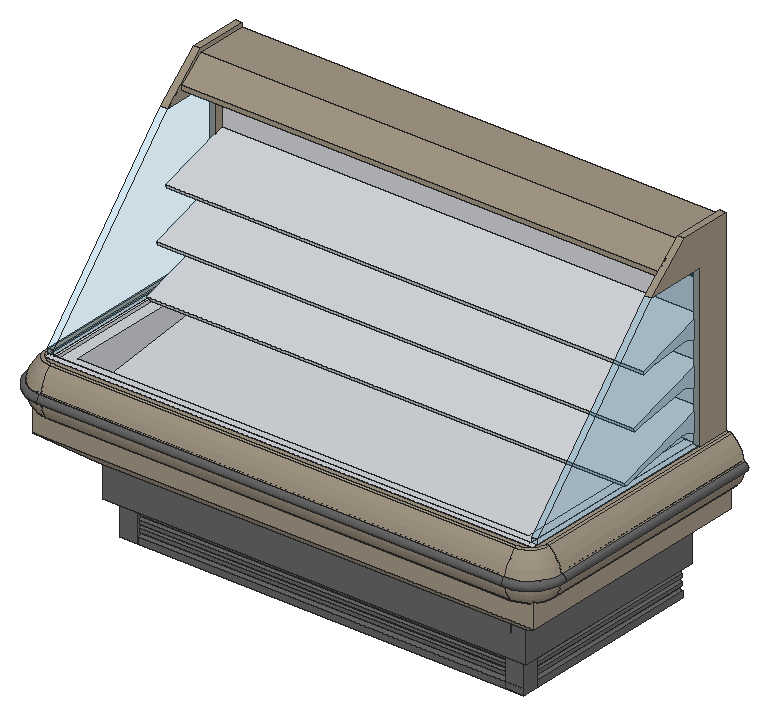
Revit family "O3.25EM-NRG_11BF", category Mechanical Equipment, Revit 2017
Family settings
  Round Connector Dimension = Use Radius
  Part Type = Normal
  OmniClass Number = 23.40.40.11.17
  OmniClass Title = Refrigerated Cases
  Work Plane-Based = Yes
  Always vertical = Yes
  Cut with Voids When Loaded = No
  Shared = No
  Room Calculation Point = No
Parameters (values of type "O3.25EM-NRG-11"BF-Meat")
  WIDTH = 43 1/4"  # constant formula
  URL = "http://www.hillphoenix.com/?s=o3.25em"
  REF PIPE LENGTH = 28 5/8"
  REAR LOAD = 24"
  TOEKICK INSET = 1 1/2"  # constant formula
  TOEKICK HEIGHT = 5 1/2"  # constant formula
  TOE KICK [instance] = none
  SHELVE LENGTH = 48"
  RUBBER BUMPER [instance] = BASE BLACK
  RIGHT END [instance] = yes
  REFRIGERATION PIPING [instance] = none
  REF PLANE LEFT RIGHT = LENGTH / 2  # 43 7/8"
  REF PLANE FRONT BACK = WIDTH / 2  # 21 5/8"
  REAR REFRIGERATION [instance] = yes
  PVC PIPE [instance] = none
  PNET NUMBER = "NA"  # constant formula
  PAINTED METAL UPPER SHELF [instance] = none
  PAINTED METAL INTERIOR [instance] = none
  PAINTED METAL EXTERIOR [instance] = STANDARD EXTERIOR MATERIAL BIEGE
  Model = "O3.25EM-NRG"
  Manufacturer = "HILL PHOENIX"  # constant formula
  MASTER BUMPER [instance] = none
  LENGTH = 87 3/4"  # constant formula
  LEGEND NUMBER = Model  # "O3.25EM-NRG"
  LEFT END [instance] = yes
  Keynote = "Dairy /Deli / Meat/Produce"  # constant formula
  HILL PHOENIX DRAWING NUMBER = "NA"  # constant formula
  HEIGHT = 58 1/2"  # constant formula
  GLASS [instance] = Glass
  FRONT PANEL [instance] = none
  ENGINEERING CONTACT = ""  # constant formula
  END PANEL [instance] = none
  Description = "Multi-Deck End-Cap Merchandiser  with Synerg-E"  # constant formula
  Default Elevation = 48"
  DRAIN PIPE LENGTH = 0"
  DRAIN [instance] = yes
  DISCLAIMER [instance] = yes
  DIEBOARD HEIGHT = 0"  # constant formula
  DESIGNERS NAME = "PRAVEEN.J"  # constant formula
  DATE = "11/25/13"  # constant formula
  CERTIFICATIONS = "NSF 7, UL471, CSA"  # constant formula
  BOTTOM REFRIGERATION [instance] = yes
  BOTTOM ELECTRICAL [instance] = yes
  BASE HEIGHT = 11"  # constant formula
  BASE [instance] = none
  Assembly Code = ""
Types (3): name | RUBBER BUMPER | PAINTED METAL EXTERIOR
  O3.25EM-NRG-11"BF | none | none
  O3.25EM-NRG-11"BF-Dairy/Deli/Produce | none | none
  O3.25EM-NRG-11"BF-Meat | BASE BLACK | STANDARD EXTERIOR MATERIAL BIEGE
Reference planes
  plane 1: z = 0.499
  plane 2 "LEFT": x = 0
  plane 3 "CASE RIGHT": x = 2228.85
  plane 4 "CASE BACK": y = -349.007
  plane 5 "CENTER(LEFT/RIGHT)": x = 1114.425
  plane 6 "CENTER(FRONT/BACK)": y = -898.282
  plane 7 "CASE FRONT": y = -1447.557
  plane 8: z = 279.4
  plane 9 "CASE TOP": z = 1485.9
Forms (mm)
  Sweep 1, solid, material "BASE BLACK" <- "RUBBER BUMPER"
    path origin (0, 0, 0) x (1, 0, 0) y (0, 1, 0)
      loop
        line (0, -349.007) -> (0, -1447.557) -> (2228.85, -1447.557) -> (2228.85, -349.007)
    profile origin (1114.425, -1447.557, 0) x (0, 1, 0) y (0, 0, 1)
      loop
        line (272.189, 0) -> (295.646, 0) -> (295.646, 142.842) -> (289.296, 142.842) -> (289.296, 131.407)
        arc (289.296, 131.407) -> (285.601, 122.451) -> (276.665, 118.708) r 12.7
        line (276.665, 118.708) -> (276.665, 106.008) -> (278.659, 106.008) -> (289.296, 108.039) -> (285.807, 97)
        arc (285.807, 97) -> (282.352, 91.267) -> (276.665, 87.735) r 14.297
        line (276.665, 87.735) -> (276.665, 75.035) -> (278.659, 75.035) -> (289.296, 77.193) -> (285.807, 66.028)
        arc (285.807, 66.028) -> (282.359, 60.287) -> (276.665, 56.763) r 14.207
        line (276.665, 56.763) -> (276.665, 44.063) -> (278.659, 44.063) -> (289.296, 46.221) -> (285.807, 35.056)
        arc (285.807, 35.056) -> (280.626, 27.944) -> (272.189, 25.448) r 13.706
        line (272.189, 25.448) -> (272.189, 0)
  Sweep 2, solid, material "BASE BLACK" <- "RUBBER BUMPER"
    path origin (0, 0, 0) x (1, 0, 0) y (0, 1, 0)
      loop
        line (0, -349.007) -> (0, -1447.557) -> (2228.85, -1447.557) -> (2228.85, -349.007)
    profile origin (1114.425, -1447.557, 0) x (0, 1, 0) y (0, 0, 1)
      loop
        line (233.572, 142.842) -> (295.646, 142.842) -> (295.646, 279.4) -> (233.572, 279.4) -> (233.572, 142.842)
  Sweep 3, solid, material "STANDARD EXTERIOR MATERIAL BIEGE" <- "PAINTED METAL EXTERIOR"
    path origin (0, 0, 0) x (1, 0, 0) y (0, 1, 0)
      loop
        line (0, -349.007) -> (0, -1447.557) -> (2228.85, -1447.557) -> (2228.85, -349.007)
    profile origin (1114.425, -1447.557, 0) x (0, 1, 0) y (0, 0, 1)
      loop
        line (224.976, 280.009) -> (328.094, 280.009) -> (328.094, 311.611) -> (278.493, 339.106)
        arc (278.493, 339.106) -> (167.309, 381.786) -> (120.775, 491.413) r 152.4
        line (120.775, 491.413) -> (120.775, 541.077) -> (71.27, 541.077) -> (71.27, 404.107) -> (224.976, 280.009)
  Sweep 4, solid, material "STANDARD EXTERIOR MATERIAL BIEGE" <- "PAINTED METAL EXTERIOR"
    path origin (0, 0, 0) x (1, 0, 0) y (0, 1, 0)
      loop
        line (71.27, -349.007) -> (71.27, -1300.087)
        arc (71.27, -1300.087) -> (93.588, -1353.969) -> (147.47, -1376.287) r 76.2
        line (147.47, -1376.287) -> (2081.38, -1376.287)
        arc (2081.38, -1376.287) -> (2135.262, -1353.969) -> (2157.58, -1300.087) r 76.2
        line (2157.58, -1300.087) -> (2157.58, -349.007)
    profile origin (1114.425, -1376.287, 0) x (0, 1, 0) y (0, 0, 1)
      loop
        line (28.924, 686.605) -> (7.715, 686.605)
        arc (7.715, 686.605) -> (1.922, 685.51) -> (-3.071, 682.378) r 15.875
        arc (-3.071, 682.378) -> (-34.651, 643.525) -> (-54.147, 597.409) r 177.8
        arc (-54.147, 597.409) -> (-36.236, 579.974) -> (-54.355, 562.755) r 17.34
        arc (-54.355, 562.755) -> (-43.752, 529.206) -> (-24.351, 499.854) r 127
        line (-24.351, 499.854) -> (-22.027, 495.203) -> (0, 495.203) -> (0, 541.077) -> (28.924, 541.077) -> (28.924, 686.605)
  Sweep 5, solid, material "BASE BLACK" <- "RUBBER BUMPER"
    path origin (0, 0, 0) x (1, 0, 0) y (0, 1, 0)
      loop
        line (71.27, -349.007) -> (71.27, -1300.087)
        arc (71.27, -1300.087) -> (93.588, -1353.969) -> (147.47, -1376.287) r 76.2
        line (147.47, -1376.287) -> (2081.38, -1376.287)
        arc (2081.38, -1376.287) -> (2135.262, -1353.969) -> (2157.58, -1300.087) r 76.2
        line (2157.58, -1300.087) -> (2157.58, -349.007)
    profile origin (1114.425, -1376.287, 0) x (0, 1, 0) y (0, 0, 1)
      loop
        arc (-52.798, 562.755) -> (-36.041, 580.761) -> (-54.147, 597.409) r 17.34
        arc (-54.147, 597.409) -> (-70.904, 579.403) -> (-52.798, 562.755) r 17.34
  Sweep 6, solid, material <- "PAINTED METAL INTERIOR"
    path origin (0, 0, 0) x (1, 0, 0) y (0, 1, 0)
      loop
        line (0, -349.007) -> (0, -1447.557) -> (2228.85, -1447.557) -> (2228.85, -349.007)
    profile origin (1114.425, -1447.557, 0) x (0, 1, 0) y (0, 0, 1)
      loop
        line (100.194, 541.077) -> (120.775, 541.077) -> (120.775, 524.875) -> (175.847, 524.875) -> (175.847, 671.042) -> (124.578, 671.042) -> (124.578, 683.43)
        arc (124.578, 683.43) -> (123.648, 685.675) -> (121.403, 686.605) r 3.175
        line (121.403, 686.605) -> (100.194, 686.605) -> (100.194, 541.077)
  Extrusion 7, solid, material <- "PAINTED METAL INTERIOR"
    sketch origin (-6096, -349.007, 2074.471) x (0, 0, 1) y (-1, 0, 0)
      loop
        line (-1403.428, -8149.003) -> (-1403.428, -6271.847) -> (-1549.595, -6271.847) -> (-1549.595, -6216.775) -> (-1583.057, -6216.775)
        arc (-1583.057, -6216.775) -> (-1692.685, -6263.309) -> (-1735.364, -6374.493) r 152.4
        line (-1735.364, -6374.493) -> (-1762.86, -6424.094) -> (-1795.071, -6424.094) -> (-1795.071, -6391.646) -> (-1831.597, -6391.646) -> (-1831.597, -8029.204) -> (-1794.461, -8029.204) -> (-1794.461, -7996.756) -> (-1762.86, -7996.756) -> (-1735.364, -8046.357)
        arc (-1735.364, -8046.357) -> (-1692.685, -8157.541) -> (-1583.057, -8204.075) r 152.4
        line (-1583.057, -8204.075) -> (-1549.595, -8204.075) -> (-1549.595, -8149.003) -> (-1403.428, -8149.003)
    from 0 to 864.978
  Extrusion 8, void
    sketch origin (0, 0, 0) x (0, 1, 0) y (0, 0, 1)
      loop
        line (-452.313, 671.042) -> (-1213.985, 671.042) -> (-1213.985, 527.867) -> (-557.16, 606.555) -> (-464.127, 606.555)
        arc (-464.127, 606.555) -> (-455.469, 610.325) -> (-452.313, 619.224) r 11.855
        line (-452.313, 619.224) -> (-452.313, 671.042)
    from 175.847 to 2053.003
  Extrusion 9, solid, material <- "PAINTED METAL INTERIOR"
    sketch origin (0, 0, 0) x (0, 1, 0) y (0, 0, 1)
      loop
        line (-1213.985, 527.867) -> (-1238.954, 524.875) -> (-1326.783, 524.875) -> (-1326.783, 491.413)
        arc (-1326.783, 491.413) -> (-1295.339, 398.703) -> (-1213.985, 344.249) r 152.4
        line (-1213.985, 344.249) -> (-1213.985, 527.867)
    from 175.847 to 2053.003
  Extrusion 10, solid, material <- "PAINTED METAL INTERIOR"
    sketch origin (0, 0, 0) x (0, 1, 0) y (0, 0, 1)
      loop
        line (-452.313, 671.042) -> (-399.283, 671.042) -> (-399.283, 1312.208) -> (-452.313, 1312.208) -> (-452.313, 671.042)
    from 120.775 to 2108.075
  Extrusion 11, solid, material "STANDARD EXTERIOR MATERIAL BIEGE" <- "PAINTED METAL EXTERIOR"
    sketch origin (0, 0, 0) x (0, 1, 0) y (0, 0, 1)
      loop
        line (-349.007, 671.042) -> (-349.007, 1485.9) -> (-565.993, 1485.9) -> (-664.27, 1406.317) -> (-664.27, 1387.285) -> (-648.37, 1387.285) -> (-648.37, 1389.216) -> (-636.329, 1389.216) -> (-590.711, 1426.595) -> (-590.711, 1439.28) -> (-483.105, 1439.28) -> (-461.21, 1413.187) -> (-490.475, 1409.3)
        arc (-490.475, 1409.3) -> (-490.997, 1408.999) -> (-491.152, 1408.416) r 0.787
        line (-491.152, 1408.416) -> (-490.124, 1400.675) -> (-478.194, 1315.786) -> (-477.309, 1309.49) -> (-477.199, 1308.71) -> (-452.313, 1312.208) -> (-399.283, 1312.208) -> (-399.283, 671.042) -> (-349.007, 671.042)
    from 120.775 to 2108.075
  Extrusion 12, solid, material <- "BASE"
    sketch origin (0, 0, 0) x (0, 1, 0) y (0, 0, 1)
      loop
        line (-349.007, 0) -> (-349.007, 242.874) -> (-1151.911, 242.874) -> (-1151.911, 0) -> (-1109.263, 0) -> (-1109.263, 46.221) -> (-388.85, 46.221) -> (-388.85, 0) -> (-349.007, 0)
    from 295.646 to 1933.204
  Extrusion 13, solid, material <- "PAINTED METAL INTERIOR"
    sketch origin (0, 0, 0) x (0, 1, 0) y (0, 0, 1)
      loop
        line (-452.313, 1158.742) -> (-743.794, 1069.627) -> (-739.636, 1056.024) -> (-683.159, 1073.291) -> (-680.73, 1070.436) -> (-542.961, 1087.776)
        arc (-542.961, 1087.776) -> (-525.387, 1088.358) -> (-508.327, 1084.098) r 63.5
        line (-508.327, 1084.098) -> (-487.032, 1075.504)
        arc (-487.032, 1075.504) -> (-478.413, 1073.673) -> (-469.688, 1074.897) r 25.4
        line (-469.688, 1074.897) -> (-452.313, 1080.534) -> (-452.313, 1158.742)
      loop
        line (-452.313, 981.795) -> (-792.375, 877.828) -> (-788.216, 864.226) -> (-733.108, 881.074) -> (-730.678, 878.219) -> (-542.961, 910.83)
        arc (-542.961, 910.83) -> (-525.387, 911.412) -> (-508.327, 907.152) r 63.5
        line (-508.327, 907.152) -> (-487.032, 898.557)
        arc (-487.032, 898.557) -> (-478.413, 896.727) -> (-469.688, 897.951) r 25.4
        line (-469.688, 897.951) -> (-452.313, 903.588) -> (-452.313, 981.795)
      loop
        line (-452.313, 813.363) -> (-840.955, 694.543) -> (-836.796, 680.941) -> (-733.108, 712.641) -> (-730.678, 709.786) -> (-542.961, 742.397)
        arc (-542.961, 742.397) -> (-525.387, 742.979) -> (-508.327, 738.719) r 63.5
        line (-508.327, 738.719) -> (-487.032, 730.125)
        arc (-487.032, 730.125) -> (-478.413, 728.294) -> (-469.688, 729.518) r 25.4
        line (-469.688, 729.518) -> (-452.313, 735.155) -> (-452.313, 813.363)
    from 120.775 to 2108.075
  Extrusion 14, void
    sketch origin (0, 0, 0) x (1, 0, 0) y (0, 1, 0)
      loop
        circle (1114.425, -1079.257) r 25.4
      loop
        circle (1870.075, -1079.257) r 31.75
    from 0 to 127
  Extrusion 15, solid, material <- "PVC PIPE", visible <- "DRAIN"
    sketch origin (0, 0, 0) x (1, 0, 0) y (0, 1, 0)
      loop
        circle (1114.425, -1079.257) r 19.05
    from 0 to 127
  Extrusion 16, solid, material <- "REFRIGERATION PIPING", visible <- "BOTTOM REFRIGERATION"
    sketch origin (0, 0, 0) x (1, 0, 0) y (0, 1, 0)
      loop
        circle (1882.207, -1079.257) r 11.113
      loop
        circle (1860.297, -1079.257) r 4.763
    from 0 to 127
  Extrusion 17, void
    sketch origin (0, 0, 0) x (1, 0, 0) y (0, 1, 0)
      loop
        line (677.846, -1034.807) -> (677.846, -528.868) -> (295.646, -528.868) -> (295.646, -1034.807) -> (677.846, -1034.807)
    from 0 to 127
  Extrusion 18, solid, material "BASE BLACK" <- "RUBBER BUMPER"
    sketch origin (47.213, 47.213, 0) x (1, 0, 0) y (0, 1, 0)
      loop
        line (224.976, -1154.605) -> (224.976, -1222.581) -> (300.263, -1222.581) -> (300.263, -1154.605) -> (224.976, -1154.605)
    from 0 to 142.842
  Extrusion 19, solid, material "BASE BLACK" <- "RUBBER BUMPER"
    sketch origin (2181.637, 47.213, 0) x (-1, 0, 0) y (0, -1, 0)
      loop
        line (224.976, 1154.605) -> (300.263, 1154.605) -> (300.263, 1222.581) -> (224.976, 1222.581) -> (224.976, 1154.605)
    from 0 to 142.842
  Sweep 20, solid, material "STANDARD EXTERIOR MATERIAL BIEGE" <- "PAINTED METAL EXTERIOR", visible <- "LEFT END"
    path origin (0, 0, 0) x (1, 0, 0) y (0, 1, 0)
      loop
        line (120.775, -380.233) -> (93.774, -380.233)
    profile origin (107.274, -380.233, 0) x (0, -1, 0) y (0, 0, 1)
      loop
        line (-31.226, 686.605) -> (102.124, 686.605) -> (102.124, 1350.349) -> (355.46, 1350.349) -> (183.977, 1499.418) -> (-31.226, 1499.418) -> (-31.226, 686.605)
  Sweep 21, solid, material "Glass" <- "GLASS", visible <- "LEFT END"
    path origin (0, 0, 0) x (1, 0, 0) y (0, 1, 0)
      loop
        line (120.775, -433.263) -> (93.774, -433.263)
    profile origin (107.274, -433.263, 0) x (0, -1, 0) y (0, 0, 1)
      loop
        line (302.431, 1350.349) -> (49.095, 1350.349) -> (49.095, 686.605) -> (892.892, 686.605) -> (892.892, 707.563) -> (302.431, 1350.349)
  Sweep 22, solid, material "STANDARD EXTERIOR MATERIAL BIEGE" <- "PAINTED METAL EXTERIOR", visible <- "RIGHT END"
    path origin (2228.85, 0, 0) x (-1, 0, 0) y (0, 1, 0)
      loop
        line (120.775, -380.233) -> (93.774, -380.233)
    profile origin (2121.576, -380.233, 0) x (0, 1, 0) y (0, 0, 1)
      loop
        line (31.226, 686.605) -> (31.226, 1499.418) -> (-183.977, 1499.418) -> (-355.46, 1350.349) -> (-102.124, 1350.349) -> (-102.124, 686.605) -> (31.226, 686.605)
  Sweep 23, solid, material "Glass" <- "GLASS", visible <- "RIGHT END"
    path origin (2228.85, 0, 0) x (-1, 0, 0) y (0, 1, 0)
      loop
        line (120.775, -433.263) -> (93.774, -433.263)
    profile origin (2121.576, -433.263, 0) x (0, 1, 0) y (0, 0, 1)
      loop
        line (-302.431, 1350.349) -> (-892.892, 707.563) -> (-892.892, 686.605) -> (-49.095, 686.605) -> (-49.095, 1350.349) -> (-302.431, 1350.349)
Cuts and joins
  Extrusion 8, Extrusion 14 cuts Sweep 3
  Extrusion 8, Extrusion 14 cuts Sweep 4
  Extrusion 8, Extrusion 14 cuts Sweep 5
  Extrusion 8, Extrusion 14 cuts Sweep 6
  Extrusion 8, Extrusion 14 cuts Extrusion 7
  Extrusion 14, Extrusion 17 cuts Sweep 1
  Extrusion 14 cuts Sweep 2
  Extrusion 14, Extrusion 17 cuts Extrusion 12
Lines and regions (mm)
  symbolic lines
    curve 1: line (2082.8, -1447.557, 0) -> (146.403, -1447.557, 0)
    curve 2: line (2228.85, -349.007, 0) -> (2228.85, -1301.507, 0)
    curve 3: line (0.353, -349.007, 0) -> (2228.85, -349.007, 0)
    curve 4: line (0.353, -1301.507, 0) -> (0.353, -349.007, 0)
    curve 5: arc (0.353, -1301.507, 0) -> (43.13, -1404.78, 0) -> (146.403, -1447.557, 0) r 146.05
    curve 6: arc (2082.8, -1447.557, 0) -> (2186.073, -1404.78, 0) -> (2228.85, -1301.507, 0) r 146.05
Dimensions and locks
  "REF PLANE LEFT RIGHT": plane 2 "LEFT" to plane 5 "CENTER(LEFT/RIGHT)"
  "LENGTH": plane 2 "LEFT" to plane 3 "CASE RIGHT"
  "REF PLANE FRONT BACK": plane 6 "CENTER(FRONT/BACK)" to plane 4 "CASE BACK"
  "WIDTH": plane 4 "CASE BACK" to plane 7 "CASE FRONT"
  "BASE HEIGHT": plane 8 to level
  "HEIGHT": plane 9 "CASE TOP" to level
Automatic sketch dimensions
  Sweep 1 sketch curve to plane 2 "LEFT" = 0"
  Sweep 1 sketch curve to plane 3 "CASE RIGHT" = 0"
  plane 7 "CASE FRONT" to Sweep 1 sketch curve = 0"
  plane 4 "CASE BACK" to Sweep 1 sketch curve = 0"  (x2)
  Sweep 1 sketch curve to level = 0"
  level to Sweep 1 sketch curve = 3.98853"
  Sweep 1 sketch curve to profile plane = 10.71554"
  level to Sweep 1 sketch curve = 1.0019"
  Sweep 1 sketch curve to Sweep 1 sketch curve = 0.00057"
  Sweep 1 sketch curve to Sweep 1 sketch curve = 0.00285"
  Sweep 1 sketch curve to Sweep 1 sketch curve = 0.0211"
  Sweep 1 sketch curve to Sweep 1 sketch curve = 0.17407"
  Sweep 1 sketch curve to Sweep 1 sketch curve = 0.00271"
  Sweep 1 sketch curve to Sweep 1 sketch curve = 0.15512"
  Sweep 1 sketch curve to Sweep 1 sketch curve = 0.17678"
  Sweep 1 sketch curve to Sweep 1 sketch curve = 0.0785"  (x3)
  level to Sweep 1 sketch curve = 1.73476"
  Sweep 1 sketch curve to Sweep 1 sketch curve = 0.28142"  (x3)
  level to Sweep 1 sketch curve = 1.38014"
  level to Sweep 1 sketch curve = 2.59952"
  level to Sweep 1 sketch curve = 3.03909"
  Sweep 1 sketch curve to Sweep 1 sketch curve = 0.41879"  (x3)
  level to Sweep 1 sketch curve = 4.25349"
  level to Sweep 1 sketch curve = 1.81972"
  Sweep 1 sketch curve to Sweep 1 sketch curve = 1/2"  (x4)
  Sweep 1 sketch curve to Sweep 1 sketch curve = 0.9235"
  Sweep 1 sketch curve to Sweep 1 sketch curve = 0.1878"
  Sweep 1 sketch curve to Sweep 1 sketch curve = 0.18499"
  Sweep 1 sketch curve to Sweep 1 sketch curve = 0.45018"
  Sweep 2 sketch curve to plane 2 "LEFT" = 0"
  Sweep 2 sketch curve to plane 3 "CASE RIGHT" = 0"
  plane 7 "CASE FRONT" to Sweep 2 sketch curve = 0"
  plane 4 "CASE BACK" to Sweep 2 sketch curve = 0"  (x2)
  Sweep 2 sketch curve to profile plane = 9.19577"
  Sweep 2 sketch curve to Sweep 2 sketch curve = 2.44385"
  level to Sweep 2 sketch curve = 5.6237"
  Sweep 2 sketch curve to Sweep 2 sketch curve = 5.3763"
  Sweep 3 sketch curve to plane 2 "LEFT" = 0"
  Sweep 3 sketch curve to plane 3 "CASE RIGHT" = 0"
  plane 7 "CASE FRONT" to Sweep 3 sketch curve = 0"
  plane 4 "CASE BACK" to Sweep 3 sketch curve = 0"  (x2)
  Sweep 3 sketch curve to profile plane = 2.8059"
  Sweep 3 sketch curve to Sweep 3 sketch curve = 1.949"
  Sweep 3 sketch curve to Sweep 3 sketch curve = 6.05141"
  Sweep 3 sketch curve to Sweep 3 sketch curve = 6"
  Sweep 3 sketch curve to Sweep 3 sketch curve = 2.10699"
  Sweep 3 sketch curve to Sweep 3 sketch curve = 1.9528"
  level to Sweep 3 sketch curve = 11.02398"
  Sweep 3 sketch curve to Sweep 3 sketch curve = 1.24415"
  Sweep 3 sketch curve to Sweep 3 sketch curve = 1.08251"
  Sweep 3 sketch curve to Sweep 3 sketch curve = 3.43727"
  Sweep 3 sketch curve to Sweep 3 sketch curve = 1.95525"
  plane 4 "CASE BACK" to Sweep 4 sketch curve = 0"  (x2)
  plane 2 "LEFT" to Sweep 4 sketch curve = 2.8059"
  Sweep 4 sketch curve to Sweep 4 sketch curve = 3"
  Sweep 4 sketch curve to plane 7 "CASE FRONT" = 2.8059"
  Sweep 4 sketch curve to plane 3 "CASE RIGHT" = 5.8059"
  Sweep 4 sketch curve to plane 3 "CASE RIGHT" = 2.8059"
  Sweep 4 sketch curve to profile plane = 0"
  profile plane to Sweep 4 sketch curve = 0.12092"
  Sweep 4 sketch curve to Sweep 4 sketch curve = 0"
  Sweep 4 sketch curve to Sweep 4 sketch curve = 111/128"
  Sweep 4 sketch curve to Sweep 4 sketch curve = 0.09151"
  profile plane to Sweep 4 sketch curve = 2.1093"
  Sweep 4 sketch curve to Sweep 4 sketch curve = 0.02246"
  Sweep 4 sketch curve to Sweep 4 sketch curve = 0.03066"
  Sweep 4 sketch curve to profile plane = 0.30374"
  Sweep 4 sketch curve to profile plane = 1.13874"
  Sweep 4 sketch curve to Sweep 4 sketch curve = 1.65162"
  Sweep 4 sketch curve to Sweep 4 sketch curve = 1.84493"
  level to Sweep 4 sketch curve = 19.49619"
  Sweep 4 sketch curve to Sweep 4 sketch curve = 0.18309"
  Sweep 4 sketch curve to Sweep 4 sketch curve = 1.80605"
  Sweep 4 sketch curve to Sweep 4 sketch curve = 0.42703"
  Sweep 4 sketch curve to Sweep 4 sketch curve = 0.85347"
  Sweep 4 sketch curve to Sweep 4 sketch curve = 0.68201"
  plane 4 "CASE BACK" to Sweep 5 sketch curve = 0"  (x2)
  plane 2 "LEFT" to Sweep 5 sketch curve = 2.8059"
  Sweep 5 sketch curve to plane 7 "CASE FRONT" = 2.8059"
  Sweep 5 sketch curve to Sweep 5 sketch curve = 3"
  Sweep 5 sketch curve to plane 3 "CASE RIGHT" = 5.8059"
  Sweep 5 sketch curve to plane 3 "CASE RIGHT" = 2.8059"
  profile plane to Sweep 5 sketch curve = 2.13177"
  Sweep 5 sketch curve to Sweep 5 sketch curve = 0.02246"
  Sweep 5 sketch curve to Sweep 5 sketch curve = 0.00819"
  Sweep 5 sketch curve to Sweep 5 sketch curve = 0.03066"
  level to Sweep 5 sketch curve = 22.15571"
  Sweep 5 sketch curve to Sweep 5 sketch curve = 0.68201"
  Sweep 6 sketch curve to plane 2 "LEFT" = 0"
  Sweep 6 sketch curve to plane 3 "CASE RIGHT" = 0"
  plane 7 "CASE FRONT" to Sweep 6 sketch curve = 0"
  plane 4 "CASE BACK" to Sweep 6 sketch curve = 0"  (x2)
  Sweep 6 sketch curve to profile plane = 3.94464"
  Sweep 6 sketch curve to Sweep 6 sketch curve = 0.81026"
  Sweep 6 sketch curve to Sweep 6 sketch curve = 0.835"
  Sweep 6 sketch curve to Sweep 6 sketch curve = 1/8"
  Sweep 6 sketch curve to Sweep 6 sketch curve = 2.1682"
  level to Sweep 6 sketch curve = 20.66438"
  Sweep 6 sketch curve to Sweep 6 sketch curve = 0.63785"
  Sweep 6 sketch curve to Sweep 6 sketch curve = 5.11675"
  Sweep 6 sketch curve to Sweep 6 sketch curve = 0.4877"
  Extrusion 7 sketch curve to plane 8 = 0"
  Extrusion 7 sketch curve to plane 8 = 1.43805"
  plane 8 to Extrusion 7 sketch curve = 0.02398"
  Extrusion 7 sketch curve to Extrusion 7 sketch curve = 5.99634"  (x2)
  Extrusion 7 sketch curve to Extrusion 7 sketch curve = 1.3174"  (x2)
  Extrusion 7 sketch curve to Extrusion 7 sketch curve = 5.7546"
  Extrusion 7 sketch curve to plane 3 "CASE RIGHT" = 4.7549"
  Extrusion 7 sketch curve to Extrusion 7 sketch curve = 2.1682"  (x2)
  Extrusion 7 sketch curve to Extrusion 7 sketch curve = 3.8318"
  Extrusion 7 sketch curve to Extrusion 7 sketch curve = 0.67531"
  Extrusion 7 sketch curve to Extrusion 7 sketch curve = 1.27749"  (x2)
  plane 2 "LEFT" to Extrusion 7 sketch curve = 12.91711"
  Extrusion 7 sketch curve to Extrusion 7 sketch curve = 1.9528"
  Extrusion 7 sketch curve to Extrusion 7 sketch curve = 0.2094"
  Extrusion 8 sketch curve to plane 7 "CASE FRONT" = 9.19577"
  plane 4 "CASE BACK" to Extrusion 8 sketch curve = 8.19498"
  Extrusion 8 sketch curve to Extrusion 8 sketch curve = 3.6622"
  Extrusion 8 sketch curve to Extrusion 8 sketch curve = 0.00051"
  Extrusion 8 sketch curve to Extrusion 8 sketch curve = 0.46564"
  Extrusion 8 sketch curve to Extrusion 8 sketch curve = 0.46674"
  Extrusion 8 sketch curve to Extrusion 8 sketch curve = 5.63683"
  Extrusion 9 sketch curve to plane 7 "CASE FRONT" = 4.7549"
  Extrusion 9 sketch curve to Extrusion 9 sketch curve = 3.45782"
  Extrusion 9 sketch curve to Extrusion 9 sketch curve = 0.98304"
  Extrusion 9 sketch curve to Extrusion 9 sketch curve = 1.55914"
  Extrusion 9 sketch curve to Extrusion 9 sketch curve = 1.3174"
  Extrusion 9 sketch curve to Extrusion 9 sketch curve = 0.11777"
  Extrusion 12 sketch curve to level = 0"  (x2)
  Extrusion 12 sketch curve to plane 4 "CASE BACK" = 0"
  plane 4 "CASE BACK" to Extrusion 12 sketch curve = 1.56863"
  plane 6 "CENTER(FRONT/BACK)" to Extrusion 12 sketch curve = 8.30635"
  Extrusion 12 sketch curve to plane 8 = 1.43805"
  Extrusion 12 sketch curve to Extrusion 12 sketch curve = 1.67904"
  plane 1 to Extrusion 12 sketch curve = 1.80009"
  Extrusion 14 sketch curve to plane 5 "CENTER(LEFT/RIGHT)" = 0"
  Extrusion 14 sketch curve to plane 3 "CASE RIGHT" = 14 1/8"
  plane 6 "CENTER(FRONT/BACK)" to Extrusion 14 sketch curve = 7 1/8"  (x2)
  Extrusion 15 sketch curve to plane 5 "CENTER(LEFT/RIGHT)" = 0"
  plane 6 "CENTER(FRONT/BACK)" to Extrusion 15 sketch curve = 7 1/8"
  plane 6 "CENTER(FRONT/BACK)" to Extrusion 16 sketch curve = 7 1/8"
  Extrusion 16 sketch curve to plane 3 "CASE RIGHT" = 14.50996"
  Extrusion 16 sketch curve to Extrusion 16 sketch curve = 0.86259"
  Extrusion 16 sketch curve to Extrusion 16 sketch curve = 0"
  plane 6 "CENTER(FRONT/BACK)" to Extrusion 17 sketch curve = 5 3/8"
  plane 2 "LEFT" to Extrusion 17 sketch curve = 11.63961"
  plane 4 "CASE BACK" to Extrusion 17 sketch curve = 7.08112"
  Extrusion 17 sketch curve to Extrusion 17 sketch curve = 15.04723"
  plane 2 "LEFT" to Extrusion 18 sketch curve = 10.71611"
  Extrusion 18 sketch curve to Extrusion 18 sketch curve = 2.96408"
  Extrusion 18 sketch curve to plane 7 "CASE FRONT" = 10.71611"
  Extrusion 18 sketch curve to Extrusion 18 sketch curve = 2.67621"
  plane 3 "CASE RIGHT" to Extrusion 19 sketch curve = 10.71611"
  Extrusion 19 sketch curve to Extrusion 19 sketch curve = 2.96408"
  plane 7 "CASE FRONT" to Extrusion 19 sketch curve = 10.71611"
  Extrusion 19 sketch curve to Extrusion 19 sketch curve = 2.67621"
  plane 4 "CASE BACK" to Sweep 20 sketch curve = 1.22938"
  plane 2 "LEFT" to Sweep 20 sketch curve = 3.6919"
  Sweep 20 sketch curve to Sweep 20 sketch curve = 1.063"
  plane 2 "LEFT" to Sweep 21 sketch curve = 3.6919"
  Sweep 21 sketch curve to Sweep 21 sketch curve = 1.063"
  plane 4 "CASE BACK" to Sweep 21 sketch curve = 3.31714"
  Sweep 22 sketch curve to plane 4 "CASE BACK" = 1.22938"
  plane 3 "CASE RIGHT" to Sweep 22 sketch curve = 3.6919"
  Sweep 22 sketch curve to Sweep 22 sketch curve = 1.063"
  plane 3 "CASE RIGHT" to Sweep 23 sketch curve = 3.6919"
  Sweep 23 sketch curve to Sweep 23 sketch curve = 1.063"
  Sweep 23 sketch curve to plane 4 "CASE BACK" = 3.31714"
  plane 4 "CASE BACK" to Extrusion 10 sketch curve = 1.97938"
  plane 4 "CASE BACK" to curve 4 = 0"
  plane 7 "CASE FRONT" to curve 1 = 0"
  curve 2 to plane 3 "CASE RIGHT" = 0"
  curve 6 to curve 2 = 5 3/4"
  plane 2 "LEFT" to curve 5 = 5.76391"
  plane 2 "LEFT" to curve 3 = 0.01391"
  Extrusion 7 sketch curve to Extrusion 7 sketch curve = 1.26813"
  Extrusion 7 sketch curve to Extrusion 7 sketch curve = 1.24415"
  Extrusion 7 sketch curve to Extrusion 7 sketch curve = 1.08251"  (x2)
  plane 8 to Extrusion 8 sketch curve = 9.78215"
  Extrusion 8 sketch curve to Extrusion 8 sketch curve = 2.53887"
  plane 8 to Extrusion 9 sketch curve = 2.5531"
  plane 8 to Extrusion 10 sketch curve = 15.41898"
  Extrusion 11 sketch curve to plane 9 "CASE TOP" = 0"
  Extrusion 11 sketch curve to plane 4 "CASE BACK" = 0"
  plane 4 "CASE BACK" to Extrusion 11 sketch curve = 1.97938"
  Extrusion 11 sketch curve to Extrusion 11 sketch curve = 2.43806"
  Extrusion 11 sketch curve to Extrusion 11 sketch curve = 0.97979"
  Extrusion 11 sketch curve to Extrusion 11 sketch curve = 0.00431"
  Extrusion 11 sketch curve to Extrusion 11 sketch curve = 0.03484"
  Extrusion 11 sketch curve to plane 9 "CASE TOP" = 1.83545"
  Extrusion 11 sketch curve to Extrusion 11 sketch curve = 0.862"
  Extrusion 11 sketch curve to Extrusion 11 sketch curve = 1.13834"
  Extrusion 11 sketch curve to Extrusion 11 sketch curve = 0.00974"
  Extrusion 11 sketch curve to Extrusion 11 sketch curve = 0.00408"
  Extrusion 11 sketch curve to Extrusion 11 sketch curve = 0.03073"  (x2)
  Extrusion 11 sketch curve to Extrusion 11 sketch curve = 3.26332"
  Extrusion 11 sketch curve to Extrusion 11 sketch curve = 0.97316"
  Extrusion 11 sketch curve to Extrusion 11 sketch curve = 1.79595"
  Extrusion 11 sketch curve to Extrusion 11 sketch curve = 0.47407"
  Extrusion 11 sketch curve to Extrusion 11 sketch curve = 0.626"
  Extrusion 11 sketch curve to Extrusion 11 sketch curve = 0.49941"
  Extrusion 11 sketch curve to Extrusion 11 sketch curve = 1.02729"
  Extrusion 11 sketch curve to Extrusion 11 sketch curve = 0.15299"
  Extrusion 11 sketch curve to Extrusion 11 sketch curve = 0.79835"
  Extrusion 11 sketch curve to Extrusion 11 sketch curve = 0.30477"
  Extrusion 11 sketch curve to Extrusion 11 sketch curve = 0.67325"
  Extrusion 11 sketch curve to Extrusion 11 sketch curve = 0.07605"
  Extrusion 11 sketch curve to Extrusion 11 sketch curve = 3.3421"
  Extrusion 11 sketch curve to Extrusion 11 sketch curve = 0.14086"
  Extrusion 11 sketch curve to Extrusion 11 sketch curve = 0.24786"
  Extrusion 11 sketch curve to Extrusion 11 sketch curve = 0.0307"
  plane 8 to Extrusion 11 sketch curve = 15.41898"
  Extrusion 11 sketch curve to Extrusion 11 sketch curve = 3.1067"
  Extrusion 10 sketch curve to Extrusion 10 sketch curve = 2.08776"
  Extrusion 10 sketch curve to plane 9 "CASE TOP" = 6.83827"
  Extrusion 13 sketch curve to plane 6 "CENTER(FRONT/BACK)" = 2.25698"
  Extrusion 13 sketch curve to Extrusion 13 sketch curve = 0.16373"  (x3)
  Extrusion 13 sketch curve to plane 6 "CENTER(FRONT/BACK)" = 4.16959"
  Extrusion 13 sketch curve to plane 6 "CENTER(FRONT/BACK)" = 6.0822"
  Extrusion 13 sketch curve to Extrusion 13 sketch curve = 4.08222"
  Extrusion 13 sketch curve to Extrusion 13 sketch curve = 2.16961"
  Extrusion 13 sketch curve to Extrusion 13 sketch curve = 0.09566"  (x3)
  Extrusion 13 sketch curve to Extrusion 13 sketch curve = 2.22348"
  Extrusion 13 sketch curve to Extrusion 13 sketch curve = 5.42394"
  Extrusion 13 sketch curve to Extrusion 13 sketch curve = 0"  (x2)
  Extrusion 13 sketch curve to Extrusion 13 sketch curve = 0.4279"  (x3)
  Extrusion 13 sketch curve to Extrusion 13 sketch curve = 1.36355"  (x3)
  Extrusion 13 sketch curve to Extrusion 13 sketch curve = 0.8384"  (x3)
  Extrusion 13 sketch curve to Extrusion 13 sketch curve = 0.37426"  (x3)
  Extrusion 13 sketch curve to Extrusion 13 sketch curve = 0.68285"  (x3)
  Extrusion 13 sketch curve to Extrusion 13 sketch curve = 0.68406"  (x2)
  Extrusion 13 sketch curve to Extrusion 13 sketch curve = 0.99264"
  plane 8 to Extrusion 13 sketch curve = 15.76513"
  Extrusion 13 sketch curve to Extrusion 13 sketch curve = 0.04356"
  Extrusion 13 sketch curve to Extrusion 13 sketch curve = 0.53553"  (x3)
  Extrusion 13 sketch curve to Extrusion 13 sketch curve = 0.1124"  (x3)
  Extrusion 13 sketch curve to Extrusion 13 sketch curve = 1.95607"  (x3)
  Extrusion 13 sketch curve to Extrusion 13 sketch curve = 0.02387"  (x3)
  Extrusion 13 sketch curve to Extrusion 13 sketch curve = 0.22192"  (x3)
  Extrusion 13 sketch curve to Extrusion 13 sketch curve = 0.33837"  (x3)
  Extrusion 13 sketch curve to Extrusion 13 sketch curve = 1.37417"
  Extrusion 13 sketch curve to Extrusion 13 sketch curve = 5.96788"
  Extrusion 13 sketch curve to Extrusion 13 sketch curve = 1.70935"
  Extrusion 13 sketch curve to Extrusion 13 sketch curve = 6.88781"
  profile plane to Sweep 20 sketch curve = 1.22938"
  Sweep 20 sketch curve to profile plane = 4.02062"
  Sweep 20 sketch curve to Sweep 20 sketch curve = 3.22257"
  Sweep 20 sketch curve to Sweep 20 sketch curve = 6.75132"
  level to Sweep 20 sketch curve = 27.03169"
  Sweep 20 sketch curve to Sweep 20 sketch curve = 26.13167"
  Sweep 20 sketch curve to Sweep 20 sketch curve = 5.86883"
  Sweep 21 sketch curve to profile plane = 1.93286"
  Sweep 21 sketch curve to Sweep 21 sketch curve = 9.97388"
  Sweep 21 sketch curve to Sweep 21 sketch curve = 33.22036"
  level to Sweep 21 sketch curve = 27.03169"
  Sweep 21 sketch curve to Sweep 21 sketch curve = 0.82511"
  Sweep 21 sketch curve to Sweep 21 sketch curve = 26.13167"
  profile plane to Sweep 22 sketch curve = 13.9945"
  profile plane to Sweep 22 sketch curve = 7.24319"
  profile plane to Sweep 22 sketch curve = 4.02062"
  Sweep 22 sketch curve to profile plane = 1.22938"
  level to Sweep 22 sketch curve = 27.03169"
  Sweep 22 sketch curve to Sweep 22 sketch curve = 26.13167"
  Sweep 22 sketch curve to Sweep 22 sketch curve = 5.86883"
  profile plane to Sweep 23 sketch curve = 35.15321"
  profile plane to Sweep 23 sketch curve = 11.90674"
  profile plane to Sweep 23 sketch curve = 1.93286"
  level to Sweep 23 sketch curve = 27.03169"
  Sweep 23 sketch curve to Sweep 23 sketch curve = 0.82511"
  Sweep 23 sketch curve to Sweep 23 sketch curve = 26.13167"
  radius of Extrusion 14 sketch curve = 1"
  radius of Extrusion 14 sketch curve = 1 1/4"
  radius of Extrusion 15 sketch curve = 3/4"
  radius of Extrusion 16 sketch curve = 7/16"
  radius of Extrusion 16 sketch curve = 3/16"
Nested families
  nested 1: "Junction Boxes - Load 4X12" at (482.6, -776.2, 75.035), visible <- "BOTTOM ELECTRICAL", type "4" Square 120 - 1"
    with Power Factor 1, Load 500 VA
Definition of nested family "Junction Boxes - Load 4X12"
  Parameters
    Width = 12"
    Voltage = 120 V
    Power Factor [instance] = 1
    Number of Poles = 1
    Load Classification = none
    Load [instance] = 500 VA
    Height = 4"
    Depth = 2 1/8"
    Default Elevation = 48"
    Assembly Code = ""
  Reference planes
    plane 1 "Center (Front/Back)": y = 0
    plane 2: z = 0
    plane 3 "Center (Left/Right)": x = 0
    plane 4: y = 152.4
    plane 5: y = -152.4
    plane 6: x = -50.8
    plane 7: x = 50.8
    plane 8: z = 53.975
  Forms (mm)
    Extrusion 1, solid
      sketch origin (0, 0, 0) x (1, 0, 0) y (0, 1, 0)
        loop
          line (-50.8, 152.4) -> (-50.8, -152.4) -> (50.8, -152.4) -> (50.8, 152.4) -> (-50.8, 152.4)
      from 0 to 53.975
  Lines and regions (mm)
    symbolic lines, detail levels fine
      curve 1: line (-50.8, 152.4, 0) -> (50.8, 152.4, 0)
      curve 2: line (-50.8, -152.4, 0) -> (-50.8, 152.4, 0)
      curve 3: line (50.8, -152.4, 0) -> (-50.8, -152.4, 0)
      curve 4: line (50.8, 152.4, 0) -> (50.8, -152.4, 0)
  Dimensions and locks
    equal spacing: plane 6, plane 3 "Center (Left/Right)", plane 7
    equal spacing: plane 4, plane 1 "Center (Front/Back)", plane 5
    "Height": plane 6 to plane 7
    "Width": plane 4 to plane 5
    "Depth": level to plane 8
    aligned and locked: plane 6 to Extrusion 1 sketch curve
    aligned and locked: Extrusion 1 sketch curve to plane 4
    aligned and locked: plane 5 to Extrusion 1 sketch curve
    aligned and locked: plane 7 to Extrusion 1 sketch curve
    aligned: plane 8 to Extrusion 1
    aligned and locked: plane 1 "Center (Front/Back)" to nested 1
    aligned and locked: plane 3 "Center (Left/Right)" to nested 1
  Automatic sketch dimensions
    curve 3 to plane 5 = 0"
    curve 3 to plane 6 = 0"
    curve 3 to plane 7 = 0"
    curve 2 to plane 4 = 0"
  Nested families
    nested 1: "Junction Boxes Annotation" at (0, 0, 0), type "Junction Boxes Annotation", detail levels coarse+medium
  Connectors
    electrical at (0, 0, 53.975), driven by "Power Factor", driven by "Load", driven by "Voltage", driven by "Load", driven by "Number of Poles", driven by "Load Classification"
      settings: on Extrusion 1, index 1, voltage 120 V, apparent load 500 VA, apparent load phase1 500 VA, apparent load phase2 0 VA, apparent load phase3 0 VA, power factor 1, load classification none, number of poles 1, system type 30, power factor state 1, is connector primary yes, connector utility no, sub classification motor no, connector description ""
  Definition of nested family "Junction Boxes Annotation"
    Parameters
      Label = "J"
    Reference planes
      plane 1: y = 0
      plane 2: x = 0
    Lines and regions (mm)
      detail lines
        curve 1: circle (0, 0, 0) r 2.381 normal (0, 0, 1)
    Text (mm)
      label "J" at (-0.674, -0.231, 0), shows "Label"
    Dimensions and locks
      aligned and locked: plane 1 to curve 1
      aligned and locked: plane 2 to curve 1
